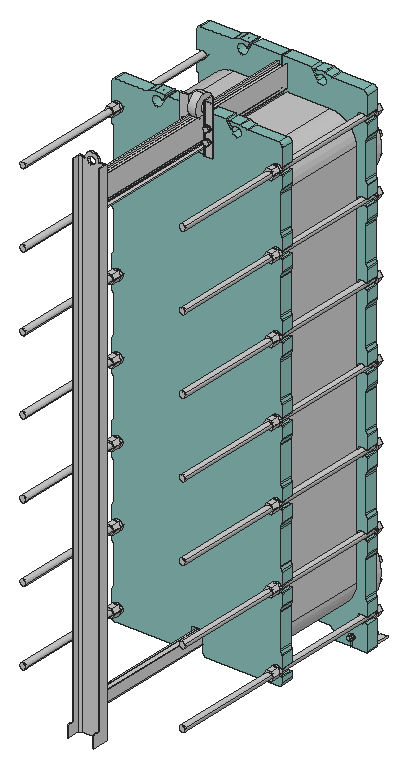
Revit family "MIT 5125 - Heat Exchanger", category Specialty Equipment, Revit 2022 (continued)
Automatic sketch dimensions
  Extrusion 27 sketch curve to Extrusion 2 = 8.455 mm  (x4)
  Extrusion 2 to Extrusion 27 sketch curve = 9.167 mm  (x2)
  Extrusion 27 sketch curve to Extrusion 2 = 10.333 mm  (x2)
  Extrusion 27 sketch curve to Extrusion 2 = 6.045 mm  (x2)
  Extrusion 27 sketch curve to Extrusion 2 = 4.167 mm  (x2)
  Extrusion 28 sketch curve to Extrusion 28 sketch curve = 0.00 mm  (x4)
  Extrusion 28 sketch curve to Extrusion 2 = 8.204 mm  (x2)
  Extrusion 28 sketch curve to Extrusion 2 = 5.283 mm  (x2)
  Extrusion 28 sketch curve to Extrusion 2 = 1.717 mm  (x2)
  Extrusion 28 sketch curve to Extrusion 2 = 8.046 mm  (x2)
  Extrusion 2 to Extrusion 29 sketch curve = 1.726 mm  (x8)
  Extrusion 29 sketch curve to Extrusion 2 = 12.814 mm  (x4)
  Extrusion 29 sketch curve to Extrusion 2 = 7.261 mm  (x4)
  Extrusion 29 sketch curve to Extrusion 2 = 1.668 mm  (x2)
  Extrusion 29 sketch curve to Extrusion 2 = 5.053 mm  (x4)
  Extrusion 2 to Extrusion 29 sketch curve = 6.053 mm  (x4)
  Extrusion 2 to Extrusion 29 sketch curve = 8.261 mm  (x4)
  Extrusion 29 sketch curve to Extrusion 2 = 0.393 mm  (x2)
  Extrusion 29 sketch curve to Extrusion 2 = 3.436 mm  (x4)
  Extrusion 29 sketch curve to Extrusion 2 = 7.893 mm  (x4)
  Extrusion 29 sketch curve to Extrusion 2 = 9.168 mm  (x4)
  Extrusion 29 sketch curve to Extrusion 2 = 6.607 mm  (x2)
  Extrusion 29 sketch curve to Extrusion 2 = 5.332 mm  (x2)
  Extrusion 30 sketch curve to Extrusion 30 sketch curve = 0.00 mm  (x4)
  Extrusion 30 sketch curve to Extrusion 2 = 2.564 mm  (x4)
  Extrusion 2 to Extrusion 30 sketch curve = 3.564 mm  (x3)
  Extrusion 2 to Extrusion 30 sketch curve = 3.11 mm
  Extrusion 31 sketch curve to Extrusion 31 sketch curve = 0.00 mm  (x8)
  Extrusion 31 sketch curve to plane 11 "12" = 0.00 mm  (x2)
  Extrusion 31 sketch curve to plane 3 "Center (Left/Right)" = 0.00 mm  (x2)
  plane 3 "Center (Left/Right)" to Extrusion 31 sketch curve = 6.424 mm  (x2)
  Extrusion 31 sketch curve to Extrusion 31 sketch curve = 13.826 mm  (x2)
  plane 3 "Center (Left/Right)" to Extrusion 31 sketch curve = 20.25 mm
  Extrusion 31 sketch curve to Extrusion 31 sketch curve = 17.844 mm  (x4)
  Extrusion 31 sketch curve to Extrusion 31 sketch curve = 2.982 mm  (x4)
  Extrusion 31 sketch curve to Extrusion 31 sketch curve = 7.25 mm  (x4)
  Extrusion 31 sketch curve to Extrusion 31 sketch curve = 4.452 mm  (x4)
  plane 3 "Center (Left/Right)" to Extrusion 31 sketch curve = 219.50 mm  (x2)
  Extrusion 31 sketch curve to Extrusion 31 sketch curve = 23.50 mm  (x4)
  plane 11 "12" to Extrusion 31 sketch curve = 24.00 mm  (x2)
  Extrusion 31 sketch curve to Extrusion 31 sketch curve = 130.00 mm  (x2)
  Extrusion 31 sketch curve to plane 3 "Center (Left/Right)" = 6.424 mm  (x2)
  Extrusion 31 sketch curve to plane 3 "Center (Left/Right)" = 20.25 mm
  Extrusion 31 sketch curve to plane 3 "Center (Left/Right)" = 219.50 mm  (x2)
  level to Extrusion 31 sketch curve = 317.00 mm  (x2)
  Extrusion 31 sketch curve to Extrusion 31 sketch curve = 24.00 mm  (x2)
  Extrusion 31 sketch curve to Extrusion 31 sketch curve = 37.50 mm  (x2)
  Extrusion 31 sketch curve to Extrusion 31 sketch curve = 3.225 mm  (x4)
  Extrusion 31 sketch curve to Extrusion 31 sketch curve = 5.775 mm  (x4)
  Extrusion 31 sketch curve to Extrusion 31 sketch curve = 12.439 mm  (x2)
  Extrusion 31 sketch curve to Extrusion 31 sketch curve = 13.00 mm  (x4)
  Extrusion 31 sketch curve to Extrusion 31 sketch curve = 8.00 mm  (x4)
  plane 3 "Center (Left/Right)" to Extrusion 31 sketch curve = 104.50 mm  (x2)
  Extrusion 31 sketch curve to plane 3 "Center (Left/Right)" = 104.50 mm  (x2)
  Extrusion 32 sketch curve to Extrusion 32 sketch curve = 0.00 mm  (x3)
  Extrusion 11 to Extrusion 32 sketch curve = 15.00 mm  (x2)
  Extrusion 32 sketch curve to Extrusion 11 = 17.00 mm
  Extrusion 32 sketch curve to Extrusion 32 sketch curve = 35.50 mm
  Extrusion 11 to Extrusion 32 sketch curve = 36.70 mm
  Extrusion 32 sketch curve to Extrusion 32 sketch curve = 1.50 mm
  Extrusion 32 sketch curve to Extrusion 11 = 29.80 mm
  Extrusion 32 sketch curve to Extrusion 32 sketch curve = 15.50 mm
  Extrusion 11 to Extrusion 33 sketch curve = 0.00 mm
  Extrusion 33 sketch curve to Extrusion 11 = 0.00 mm
  Extrusion 33 sketch curve to Extrusion 33 sketch curve = 15.00 mm
  Extrusion 33 sketch curve to Extrusion 33 sketch curve = 35.00 mm
  Extrusion 11 to Extrusion 33 sketch curve = 60.00 mm
  Extrusion 34 sketch curve to Extrusion 34 sketch curve = 0.00 mm  (x4)
  level to Extrusion 34 sketch curve = 45.00 mm  (x2)
  Extrusion 34 sketch curve to plane 3 "Center (Left/Right)" = 352.50 mm
  plane 3 "Center (Left/Right)" to Extrusion 34 sketch curve = 352.50 mm
  Extrusion 34 sketch curve to Extrusion 34 sketch curve = 5.746 mm  (x4)
  Extrusion 34 sketch curve to Extrusion 34 sketch curve = 13.856 mm  (x2)
  Extrusion 36 sketch curve to Extrusion 36 sketch curve = 0.00 mm  (x13)
  Extrusion 36 sketch curve to level = 0.00 mm  (x2)
  Extrusion 36 sketch curve to plane 11 "12" = 0.00 mm  (x2)
  Extrusion 36 sketch curve to plane 3 "Center (Left/Right)" = 0.00 mm  (x4)
  Extrusion 36 sketch curve to plane 3 "Center (Left/Right)" = 200.00 mm
  Extrusion 36 sketch curve to Extrusion 36 sketch curve = 13.473 mm  (x2)
  Extrusion 36 sketch curve to plane 3 "Center (Left/Right)" = 219.50 mm  (x2)
  Extrusion 36 sketch curve to Extrusion 36 sketch curve = 6.84 mm  (x4)
  level to Extrusion 36 sketch curve = 60.00 mm
  Extrusion 36 sketch curve to plane 3 "Center (Left/Right)" = 238.358 mm
  level to Extrusion 36 sketch curve = 57.071 mm  (x2)
  Extrusion 36 sketch curve to Extrusion 36 sketch curve = 7.071 mm  (x4)
  Extrusion 36 sketch curve to Extrusion 36 sketch curve = 26.342 mm  (x2)
  Extrusion 36 sketch curve to Extrusion 36 sketch curve = 24.142 mm  (x2)
  level to Extrusion 36 sketch curve = 32.929 mm  (x2)
  level to Extrusion 36 sketch curve = 5.00 mm  (x4)
  Extrusion 36 sketch curve to Extrusion 36 sketch curve = 10.00 mm
  Extrusion 36 sketch curve to Extrusion 36 sketch curve = 80.00 mm  (x2)
  Extrusion 36 sketch curve to plane 3 "Center (Left/Right)" = 404.50 mm
  Extrusion 36 sketch curve to Extrusion 36 sketch curve = 185.00 mm  (x4)
  Extrusion 36 sketch curve to Extrusion 36 sketch curve = 151.004 mm  (x2)
  Extrusion 36 sketch curve to Extrusion 36 sketch curve = 52.00 mm  (x2)
  Extrusion 36 sketch curve to Extrusion 36 sketch curve = 75.00 mm  (x2)
  plane 3 "Center (Left/Right)" to Extrusion 36 sketch curve = 200.00 mm
  plane 3 "Center (Left/Right)" to Extrusion 36 sketch curve = 219.50 mm  (x2)
  plane 3 "Center (Left/Right)" to Extrusion 36 sketch curve = 238.358 mm
  Extrusion 36 sketch curve to Extrusion 36 sketch curve = 2.929 mm
  level to Extrusion 36 sketch curve = 45.00 mm  (x2)
  level to Extrusion 36 sketch curve = 104.50 mm
  Extrusion 36 sketch curve to Extrusion 36 sketch curve = 101.50 mm  (x2)
  Extrusion 36 sketch curve to Extrusion 36 sketch curve = 60.00 mm  (x2)
  Extrusion 36 sketch curve to Extrusion 36 sketch curve = 170.50 mm  (x2)
  Extrusion 36 sketch curve to Extrusion 36 sketch curve = 209.50 mm  (x2)
  Extrusion 36 sketch curve to Extrusion 36 sketch curve = 380.00 mm  (x6)
  Extrusion 36 sketch curve to plane 11 "12" = 209.50 mm  (x2)
  plane 11 "12" to Extrusion 36 sketch curve = 170.50 mm  (x2)
  plane 11 "12" to Extrusion 36 sketch curve = 187.50 mm
  Extrusion 36 sketch curve to Extrusion 36 sketch curve = 21.50 mm  (x2)
  Extrusion 36 sketch curve to Extrusion 36 sketch curve = 20.00 mm  (x2)
  Extrusion 36 sketch curve to Extrusion 36 sketch curve = 8.00 mm
  Extrusion 36 sketch curve to Extrusion 36 sketch curve = 126.50 mm
  Extrusion 36 sketch curve to Extrusion 36 sketch curve = 1.206 mm  (x2)
  Extrusion 36 sketch curve to Extrusion 36 sketch curve = 18.794 mm
  Extrusion 36 sketch curve to Extrusion 36 sketch curve = 109.00 mm  (x4)
  Extrusion 37 sketch curve to Extrusion 37 sketch curve = 0.00 mm  (x35)
  plane 3 "Center (Left/Right)" to Extrusion 37 sketch curve = 432.50 mm
  Extrusion 37 sketch curve to Extrusion 37 sketch curve = 20.00 mm  (x5)
  plane 3 "Center (Left/Right)" to Extrusion 37 sketch curve = 404.50 mm  (x2)
  Extrusion 37 sketch curve to Extrusion 37 sketch curve = 8.00 mm  (x2)
  Extrusion 37 sketch curve to Extrusion 37 sketch curve = 28.00 mm  (x2)
  Extrusion 37 sketch curve to Extrusion 37 sketch curve = 176.004 mm
  Extrusion 37 sketch curve to Extrusion 37 sketch curve = 6.84 mm  (x4)
  Extrusion 37 sketch curve to Extrusion 37 sketch curve = 26.342 mm  (x2)
  Extrusion 37 sketch curve to Extrusion 37 sketch curve = 16.473 mm  (x2)
  plane 3 "Center (Left/Right)" to Extrusion 37 sketch curve = 61.25 mm
  Extrusion 37 sketch curve to Extrusion 37 sketch curve = 3.00 mm  (x6)
  Extrusion 37 sketch curve to Extrusion 37 sketch curve = 0.50 mm
  plane 3 "Center (Left/Right)" to Extrusion 37 sketch curve = 57.75 mm
  plane 3 "Center (Left/Right)" to Extrusion 37 sketch curve = 50.00 mm
  plane 3 "Center (Left/Right)" to Extrusion 37 sketch curve = 41.00 mm
  Extrusion 37 sketch curve to plane 3 "Center (Left/Right)" = 27.00 mm
  Extrusion 37 sketch curve to plane 3 "Center (Left/Right)" = 41.00 mm
  Extrusion 37 sketch curve to Extrusion 37 sketch curve = 14.25 mm
  Extrusion 37 sketch curve to Extrusion 37 sketch curve = 2.50 mm
  Extrusion 37 sketch curve to plane 3 "Center (Left/Right)" = 57.75 mm
  Extrusion 37 sketch curve to Extrusion 37 sketch curve = 141.75 mm
  Extrusion 37 sketch curve to plane 3 "Center (Left/Right)" = 404.50 mm
  Extrusion 37 sketch curve to Extrusion 37 sketch curve = 148.004 mm
  level to Extrusion 37 sketch curve = 146.50 mm
  Extrusion 37 sketch curve to Extrusion 37 sketch curve = 354.50 mm
  Extrusion 37 sketch curve to Extrusion 37 sketch curve = 46.50 mm  (x2)
  level to Extrusion 37 sketch curve = 100.00 mm
  Extrusion 37 sketch curve to Extrusion 37 sketch curve = 95.00 mm
  Extrusion 37 sketch curve to Extrusion 37 sketch curve = 380.00 mm  (x8)
  Extrusion 37 sketch curve to plane 11 "12" = 209.50 mm  (x2)
  plane 11 "12" to Extrusion 37 sketch curve = 109.00 mm
  plane 11 "12" to Extrusion 37 sketch curve = 170.50 mm  (x2)
  Extrusion 37 sketch curve to Extrusion 37 sketch curve = 67.50 mm  (x2)
  Extrusion 37 sketch curve to Extrusion 37 sketch curve = 60.00 mm  (x2)
  Extrusion 37 sketch curve to Extrusion 37 sketch curve = 17.50 mm  (x2)
  Extrusion 37 sketch curve to Extrusion 37 sketch curve = 12.00 mm  (x2)
  Extrusion 37 sketch curve to Extrusion 37 sketch curve = 126.50 mm  (x2)
  Extrusion 37 sketch curve to Extrusion 37 sketch curve = 1.206 mm  (x2)
  Extrusion 37 sketch curve to Extrusion 37 sketch curve = 49.00 mm  (x2)
  Extrusion 37 sketch curve to Extrusion 37 sketch curve = 21.00 mm  (x14)
  Extrusion 38 sketch curve to Extrusion 38 sketch curve = 0.00 mm  (x8)
  Extrusion 38 sketch curve to plane 11 "12" = 0.00 mm  (x2)
  plane 11 "12" to Extrusion 38 sketch curve = 24.00 mm  (x2)
  plane 3 "Center (Left/Right)" to Extrusion 38 sketch curve = 373.00 mm
  Extrusion 38 sketch curve to Extrusion 38 sketch curve = 130.00 mm  (x2)
  Extrusion 38 sketch curve to Extrusion 38 sketch curve = 153.50 mm  (x3)
  plane 3 "Center (Left/Right)" to Extrusion 38 sketch curve = 33.75 mm  (x2)
  plane 3 "Center (Left/Right)" to Extrusion 38 sketch curve = 20.25 mm  (x2)
  Extrusion 38 sketch curve to plane 3 "Center (Left/Right)" = 20.25 mm  (x2)
  Extrusion 38 sketch curve to Extrusion 38 sketch curve = 13.50 mm  (x2)
  Extrusion 38 sketch curve to plane 3 "Center (Left/Right)" = 219.50 mm  (x2)
  Extrusion 38 sketch curve to Extrusion 38 sketch curve = 23.50 mm  (x2)
  level to Extrusion 38 sketch curve = 317.00 mm  (x2)
  Extrusion 38 sketch curve to Extrusion 38 sketch curve = 24.00 mm  (x2)
  Extrusion 38 sketch curve to Extrusion 38 sketch curve = 119.00 mm
  Extrusion 38 sketch curve to Extrusion 38 sketch curve = 9.311 mm  (x4)
  Extrusion 38 sketch curve to Extrusion 38 sketch curve = 12.689 mm  (x4)
  Extrusion 38 sketch curve to Extrusion 38 sketch curve = 154.00 mm
  Extrusion 38 sketch curve to Extrusion 38 sketch curve = 13.00 mm  (x2)
  plane 11 "12" to Extrusion 38 sketch curve = 119.00 mm
  plane 11 "12" to Extrusion 38 sketch curve = 154.00 mm
  Extrusion 38 sketch curve to Extrusion 38 sketch curve = 38.50 mm  (x2)
  Extrusion 38 sketch curve to plane 3 "Center (Left/Right)" = 104.50 mm  (x2)
  Extrusion 39 sketch curve to level = 0.00 mm
  Extrusion 39 sketch curve to plane 3 "Center (Left/Right)" = 0.00 mm  (x4)
  Extrusion 39 sketch curve to plane 3 "Center (Left/Right)" = 200.00 mm
  level to Extrusion 39 sketch curve = 45.00 mm  (x2)
  Extrusion 39 sketch curve to plane 3 "Center (Left/Right)" = 352.50 mm
  Extrusion 39 sketch curve to plane 3 "Center (Left/Right)" = 404.50 mm  (x2)
  Extrusion 39 sketch curve to Extrusion 39 sketch curve = 0.00 mm  (x7)
  Extrusion 39 sketch curve to Extrusion 39 sketch curve = 204.50 mm  (x2)
  Extrusion 39 sketch curve to Extrusion 39 sketch curve = 52.00 mm  (x2)
  Extrusion 39 sketch curve to Extrusion 39 sketch curve = 80.00 mm
  plane 3 "Center (Left/Right)" to Extrusion 39 sketch curve = 200.00 mm
  plane 3 "Center (Left/Right)" to Extrusion 39 sketch curve = 352.50 mm
  plane 3 "Center (Left/Right)" to Extrusion 39 sketch curve = 404.50 mm
  Extrusion 39 sketch curve to Extrusion 39 sketch curve = 28.00 mm
  level to Extrusion 39 sketch curve = 104.50 mm
  Extrusion 39 sketch curve to Extrusion 39 sketch curve = 101.50 mm  (x2)
  Extrusion 39 sketch curve to Extrusion 39 sketch curve = 60.00 mm  (x2)
  Extrusion 39 sketch curve to Extrusion 39 sketch curve = 380.00 mm  (x8)
  Extrusion 39 sketch curve to plane 11 "12" = 209.50 mm  (x2)
  plane 11 "12" to Extrusion 39 sketch curve = 170.50 mm  (x2)
  plane 11 "12" to Extrusion 39 sketch curve = 187.50 mm
  Extrusion 39 sketch curve to Extrusion 39 sketch curve = 21.50 mm  (x2)
  Extrusion 39 sketch curve to Extrusion 39 sketch curve = 138.50 mm
  Extrusion 40 sketch curve to Extrusion 40 sketch curve = 0.00 mm  (x36)
  plane 3 "Center (Left/Right)" to Extrusion 40 sketch curve = 432.50 mm
  plane 3 "Center (Left/Right)" to Extrusion 40 sketch curve = 404.50 mm  (x2)
  Extrusion 40 sketch curve to Extrusion 40 sketch curve = 28.00 mm  (x3)
  plane 3 "Center (Left/Right)" to Extrusion 40 sketch curve = 200.00 mm
  plane 3 "Center (Left/Right)" to Extrusion 40 sketch curve = 58.25 mm
  Extrusion 40 sketch curve to Extrusion 40 sketch curve = 0.50 mm
  plane 3 "Center (Left/Right)" to Extrusion 40 sketch curve = 57.75 mm
  plane 3 "Center (Left/Right)" to Extrusion 40 sketch curve = 41.00 mm
  plane 3 "Center (Left/Right)" to Extrusion 40 sketch curve = 30.00 mm
  Extrusion 40 sketch curve to plane 3 "Center (Left/Right)" = 30.00 mm
  Extrusion 40 sketch curve to plane 3 "Center (Left/Right)" = 41.00 mm
  Extrusion 40 sketch curve to Extrusion 40 sketch curve = 16.75 mm
  Extrusion 40 sketch curve to plane 3 "Center (Left/Right)" = 57.75 mm
  Extrusion 40 sketch curve to Extrusion 40 sketch curve = 17.25 mm
  Extrusion 40 sketch curve to Extrusion 40 sketch curve = 141.75 mm
  Extrusion 40 sketch curve to plane 3 "Center (Left/Right)" = 404.50 mm
  Extrusion 40 sketch curve to Extrusion 40 sketch curve = 204.50 mm
  level to Extrusion 40 sketch curve = 146.50 mm
  Extrusion 40 sketch curve to Extrusion 40 sketch curve = 374.50 mm
  level to Extrusion 40 sketch curve = 80.00 mm
  Extrusion 40 sketch curve to Extrusion 40 sketch curve = 66.50 mm
  Extrusion 40 sketch curve to Extrusion 40 sketch curve = 118.00 mm
  Extrusion 40 sketch curve to Extrusion 40 sketch curve = 380.00 mm  (x8)
  Extrusion 40 sketch curve to plane 11 "12" = 209.50 mm  (x2)
  plane 11 "12" to Extrusion 40 sketch curve = 109.00 mm
  plane 11 "12" to Extrusion 40 sketch curve = 170.50 mm  (x2)
  Extrusion 40 sketch curve to Extrusion 40 sketch curve = 67.50 mm  (x2)
  Extrusion 40 sketch curve to Extrusion 40 sketch curve = 60.00 mm  (x2)
  Extrusion 40 sketch curve to Extrusion 40 sketch curve = 17.50 mm  (x2)
  Extrusion 40 sketch curve to Extrusion 40 sketch curve = 15.00 mm  (x2)
  Extrusion 40 sketch curve to Extrusion 40 sketch curve = 55.00 mm
  Extrusion 40 sketch curve to Extrusion 40 sketch curve = 138.50 mm
  Extrusion 40 sketch curve to Extrusion 40 sketch curve = 21.00 mm  (x14)
  plane 11 "12" to Extrusion 41 sketch curve = 154.00 mm  (x2)
  plane 3 "Center (Left/Right)" to Extrusion 41 sketch curve = 373.00 mm
  plane 3 "Center (Left/Right)" to Extrusion 41 sketch curve = 33.75 mm  (x2)
  Extrusion 41 sketch curve to plane 3 "Center (Left/Right)" = 33.75 mm  (x2)
  Extrusion 41 sketch curve to Extrusion 41 sketch curve = 339.25 mm
  Extrusion 41 sketch curve to Extrusion 41 sketch curve = 35.00 mm  (x3)
  level to Extrusion 41 sketch curve = 198.00 mm
  Extrusion 42 sketch curve to Extrusion 42 sketch curve = 0.00 mm  (x8)
  Extrusion 42 sketch curve to plane 11 "12" = 0.00 mm  (x2)
  Extrusion 42 sketch curve to plane 3 "Center (Left/Right)" = 219.50 mm  (x2)
  plane 3 "Center (Left/Right)" to Extrusion 42 sketch curve = 219.50 mm  (x2)
  level to Extrusion 42 sketch curve = 317.00 mm  (x2)
  Extrusion 42 sketch curve to Extrusion 42 sketch curve = 101.25 mm  (x4)
  Extrusion 42 sketch curve to plane 3 "Center (Left/Right)" = 118.25 mm  (x2)
  plane 3 "Center (Left/Right)" to Extrusion 42 sketch curve = 118.25 mm  (x2)
  Extrusion 42 sketch curve to plane 11 "12" = 175.37 mm  (x2)
  Extrusion 42 sketch curve to Extrusion 42 sketch curve = 175.37 mm  (x2)
  Revolve 43 sketch curve to plane 7 "1" = 0.00 mm
  plane 3 "Center (Left/Right)" to Revolve 43 sketch curve = 325.50 mm
  Revolve 43 sketch curve to Revolve 43 sketch curve = 29.25 mm  (x2)
  plane 9 "Bolt End" to Revolve 43 sketch curve = 18.30 mm
  Revolve 43 sketch curve to Revolve 43 sketch curve = 106.00 mm
  Revolve 43 sketch curve to Revolve 43 sketch curve = 340.00 mm
  plane 1 "Center (Front/Back)" to Revolve 44 sketch curve = 0.00 mm
  Revolve 44 sketch curve to plane 7 "1" = 0.00 mm
  plane 3 "Center (Left/Right)" to Revolve 44 sketch curve = 325.50 mm
  Revolve 44 sketch curve to Revolve 44 sketch curve = 29.25 mm  (x2)
  plane 9 "Bolt End" to Revolve 44 sketch curve = 18.30 mm
  Revolve 44 sketch curve to Revolve 44 sketch curve = 106.00 mm
  Revolve 44 sketch curve to Revolve 44 sketch curve = 340.00 mm
  plane 1 "Center (Front/Back)" to Revolve 45 sketch curve = 0.00 mm
  Revolve 45 sketch curve to plane 7 "1" = 0.00 mm
  Revolve 45 sketch curve to plane 3 "Center (Left/Right)" = 113.50 mm
  Revolve 45 sketch curve to Revolve 45 sketch curve = 29.25 mm  (x2)
  plane 9 "Bolt End" to Revolve 45 sketch curve = 18.30 mm
  Revolve 45 sketch curve to Revolve 45 sketch curve = 106.00 mm
  Revolve 45 sketch curve to Revolve 45 sketch curve = 340.00 mm
  plane 1 "Center (Front/Back)" to Revolve 46 sketch curve = 0.00 mm
  Revolve 46 sketch curve to plane 7 "1" = 0.00 mm
  Revolve 46 sketch curve to plane 3 "Center (Left/Right)" = 113.50 mm
  Revolve 46 sketch curve to Revolve 46 sketch curve = 29.25 mm  (x2)
  plane 9 "Bolt End" to Revolve 46 sketch curve = 18.30 mm
  Revolve 46 sketch curve to Revolve 46 sketch curve = 106.00 mm
  Revolve 46 sketch curve to Revolve 46 sketch curve = 340.00 mm
  radius of Extrusion 1 to Extrusion 6 sketch curve = 4.50 mm  (x2)
  radius of Extrusion 2 to Extrusion 14 sketch curve = 4.00 mm  (x14)
  radius of Extrusion 21 sketch curve = 55.00 mm
  radius of Extrusion 21 sketch curve = 25.00 mm
  radius of Extrusion 22 sketch curve = 24.50 mm
  radius of Extrusion 2 to Extrusion 26 sketch curve = 4.50 mm  (x4)
  radius of Extrusion 2 to Extrusion 28 sketch curve = 4.50 mm  (x4)
  radius of Extrusion 30 sketch curve to Extrusion 2 = 2.50 mm  (x4)
  radius of Extrusion 36 sketch curve = 10.50 mm  (x6)
  radius of Extrusion 36 sketch curve = 25.00 mm  (x2)
  radius of Extrusion 36 sketch curve = 21.00 mm  (x14)
  radius of Extrusion 37 sketch curve = 10.50 mm  (x4)
  radius of Extrusion 37 sketch curve = 25.00 mm  (x2)
  radius of Extrusion 39 sketch curve = 10.50 mm  (x6)
  radius of Extrusion 39 sketch curve = 25.00 mm  (x2)
  radius of Extrusion 39 sketch curve = 21.00 mm  (x14)
  radius of Extrusion 40 sketch curve = 10.50 mm  (x4)
  radius of Extrusion 40 sketch curve = 25.00 mm  (x2)
Connectors
  piping at (219.5, 37, 2256), diameter 254
    settings: on Extrusion 16, index 1, connector inside diameter 609.6 mm, connector length 0.00 mm, flow factor 0, pipe flow 0.0 L/s, pressure drop 0 bar, fitting loss kfactor 0, connector angle 0.00°, fixture units 0, engagement length 0.00 mm, angle of deflection 0.00°, flow configuration 0, flow direction 1, fitting loss method 0, system type 7, joint type 0, gender type 0, connector reference index -1, connector utility 0, adjustable connector no, is connector primary yes, connector description ""
  piping at (-219.5, 37, 2256), diameter 254
    settings: on Extrusion 16, index 2, connector inside diameter 609.6 mm, connector length 0.00 mm, flow factor 0, pipe flow 0.0 L/s, pressure drop 0 bar, fitting loss kfactor 0, connector angle 0.00°, fixture units 0, engagement length 0.00 mm, angle of deflection 0.00°, flow configuration 0, flow direction 2, fitting loss method 0, system type 7, joint type 0, gender type 0, connector reference index -1, connector utility 0, adjustable connector no, is connector primary no, connector description ""
  piping at (219.5, 37, 317), diameter 254
    settings: on Extrusion 16, index 3, connector inside diameter 609.6 mm, connector length 0.00 mm, flow factor 0, pipe flow 0.0 L/s, pressure drop 0 bar, fitting loss kfactor 0, connector angle 0.00°, fixture units 0, engagement length 0.00 mm, angle of deflection 0.00°, flow configuration 0, flow direction 2, fitting loss method 0, system type 7, joint type 0, gender type 0, connector reference index -1, connector utility 0, adjustable connector no, is connector primary no, connector description ""
  piping at (-219.5, 37, 317), diameter 254
    settings: on Extrusion 16, index 4, connector inside diameter 609.6 mm, connector length 0.00 mm, flow factor 0, pipe flow 0.0 L/s, pressure drop 0 bar, fitting loss kfactor 0, connector angle 0.00°, fixture units 0, engagement length 0.00 mm, angle of deflection 0.00°, flow configuration 0, flow direction 1, fitting loss method 0, system type 7, joint type 0, gender type 0, connector reference index -1, connector utility 0, adjustable connector no, is connector primary no, connector description ""
